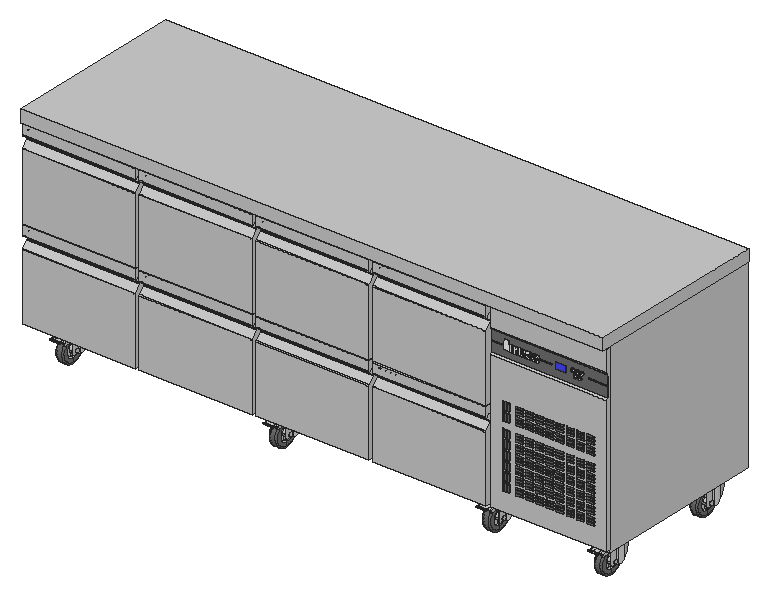
Revit family "QF_INOMAK_PNRP9999_250513010757", category Specialty Equipment, Revit 2021 (continued)
Definition of nested family "QF_INOMAK_REF_COUNTERS_2240_2920"
  Definition of nested family "QF_INOMAK_CONRTOL-PANEL"
    Forms (mm)
      Extrusion 1, solid
        sketch origin (-2240, -700, 0) x (-1, 0, 0) y (0, 0, 1)
          loop
            arc (-2152.4, 210.855) -> (-2155.4, 207.855) -> (-2152.4, 204.855) r 3
            line (-2152.4, 204.855) -> (-2128.4, 204.855)
            arc (-2128.4, 204.855) -> (-2125.4, 207.855) -> (-2128.4, 210.855) r 3
            line (-2128.4, 210.855) -> (-2152.4, 210.855)
          loop
            arc (-2113.4, 210.855) -> (-2116.4, 207.855) -> (-2113.4, 204.855) r 3
            line (-2113.4, 204.855) -> (-2089.4, 204.855)
            arc (-2089.4, 204.855) -> (-2086.4, 207.855) -> (-2089.4, 210.855) r 3
            line (-2089.4, 210.855) -> (-2113.4, 210.855)
          loop
            arc (-2074.4, 210.855) -> (-2077.4, 207.855) -> (-2074.4, 204.855) r 3
            line (-2074.4, 204.855) -> (-2050.4, 204.855)
            arc (-2050.4, 204.855) -> (-2047.4, 207.855) -> (-2050.4, 210.855) r 3
            line (-2050.4, 210.855) -> (-2074.4, 210.855)
          loop
            arc (-2035.4, 210.855) -> (-2038.4, 207.855) -> (-2035.4, 204.855) r 3
            line (-2035.4, 204.855) -> (-2011.4, 204.855)
            arc (-2011.4, 204.855) -> (-2008.4, 207.855) -> (-2011.4, 210.855) r 3
            line (-2011.4, 210.855) -> (-2035.4, 210.855)
          loop
            arc (-1996.4, 210.855) -> (-1999.4, 207.855) -> (-1996.4, 204.855) r 3
            line (-1996.4, 204.855) -> (-1972.4, 204.855)
            arc (-1972.4, 204.855) -> (-1969.4, 207.855) -> (-1972.4, 210.855) r 3
            line (-1972.4, 210.855) -> (-1996.4, 210.855)
          loop
            arc (-1957.4, 210.855) -> (-1960.4, 207.855) -> (-1957.4, 204.855) r 3
            line (-1957.4, 204.855) -> (-1933.4, 204.855)
            arc (-1933.4, 204.855) -> (-1930.4, 207.855) -> (-1933.4, 210.855) r 3
            line (-1933.4, 210.855) -> (-1957.4, 210.855)
          loop
            arc (-1918.4, 210.855) -> (-1921.4, 207.855) -> (-1918.4, 204.855) r 3
            line (-1918.4, 204.855) -> (-1894.4, 204.855)
            arc (-1894.4, 204.855) -> (-1891.4, 207.855) -> (-1894.4, 210.855) r 3
            line (-1894.4, 210.855) -> (-1918.4, 210.855)
          loop
            arc (-2191.4, 199.855) -> (-2194.4, 196.855) -> (-2191.4, 193.855) r 3
            line (-2191.4, 193.855) -> (-2167.4, 193.855)
            arc (-2167.4, 193.855) -> (-2164.4, 196.855) -> (-2167.4, 199.855) r 3
            line (-2167.4, 199.855) -> (-2191.4, 199.855)
          loop
            arc (-2152.4, 199.855) -> (-2155.4, 196.855) -> (-2152.4, 193.855) r 3
            line (-2152.4, 193.855) -> (-2128.4, 193.855)
            arc (-2128.4, 193.855) -> (-2125.4, 196.855) -> (-2128.4, 199.855) r 3
            line (-2128.4, 199.855) -> (-2152.4, 199.855)
          loop
            arc (-2113.4, 199.855) -> (-2116.4, 196.855) -> (-2113.4, 193.855) r 3
            line (-2113.4, 193.855) -> (-2089.4, 193.855)
            arc (-2089.4, 193.855) -> (-2086.4, 196.855) -> (-2089.4, 199.855) r 3
            line (-2089.4, 199.855) -> (-2113.4, 199.855)
          loop
            arc (-2074.4, 199.855) -> (-2077.4, 196.855) -> (-2074.4, 193.855) r 3
            line (-2074.4, 193.855) -> (-2050.4, 193.855)
            arc (-2050.4, 193.855) -> (-2047.4, 196.855) -> (-2050.4, 199.855) r 3
            line (-2050.4, 199.855) -> (-2074.4, 199.855)
          loop
            arc (-2035.4, 199.855) -> (-2038.4, 196.855) -> (-2035.4, 193.855) r 3
            line (-2035.4, 193.855) -> (-2011.4, 193.855)
            arc (-2011.4, 193.855) -> (-2008.4, 196.855) -> (-2011.4, 199.855) r 3
            line (-2011.4, 199.855) -> (-2035.4, 199.855)
          loop
            arc (-1996.4, 199.855) -> (-1999.4, 196.855) -> (-1996.4, 193.855) r 3
            line (-1996.4, 193.855) -> (-1972.4, 193.855)
            arc (-1972.4, 193.855) -> (-1969.4, 196.855) -> (-1972.4, 199.855) r 3
            line (-1972.4, 199.855) -> (-1996.4, 199.855)
          loop
            arc (-1957.4, 199.855) -> (-1960.4, 196.855) -> (-1957.4, 193.855) r 3
            line (-1957.4, 193.855) -> (-1933.4, 193.855)
            arc (-1933.4, 193.855) -> (-1930.4, 196.855) -> (-1933.4, 199.855) r 3
            line (-1933.4, 199.855) -> (-1957.4, 199.855)
          loop
            arc (-1918.4, 199.855) -> (-1921.4, 196.855) -> (-1918.4, 193.855) r 3
            line (-1918.4, 193.855) -> (-1894.4, 193.855)
            arc (-1894.4, 193.855) -> (-1891.4, 196.855) -> (-1894.4, 199.855) r 3
            line (-1894.4, 199.855) -> (-1918.4, 199.855)
          loop
            arc (-2191.4, 184.855) -> (-2194.4, 181.855) -> (-2191.4, 178.855) r 3
            line (-2191.4, 178.855) -> (-2167.4, 178.855)
            arc (-2167.4, 178.855) -> (-2164.4, 181.855) -> (-2167.4, 184.855) r 3
            line (-2167.4, 184.855) -> (-2191.4, 184.855)
          loop
            arc (-2152.4, 184.855) -> (-2155.4, 181.855) -> (-2152.4, 178.855) r 3
            line (-2152.4, 178.855) -> (-2128.4, 178.855)
            arc (-2128.4, 178.855) -> (-2125.4, 181.855) -> (-2128.4, 184.855) r 3
            line (-2128.4, 184.855) -> (-2152.4, 184.855)
          loop
            arc (-2113.4, 184.855) -> (-2116.4, 181.855) -> (-2113.4, 178.855) r 3
            line (-2113.4, 178.855) -> (-2089.4, 178.855)
            arc (-2089.4, 178.855) -> (-2086.4, 181.855) -> (-2089.4, 184.855) r 3
            line (-2089.4, 184.855) -> (-2113.4, 184.855)
          loop
            arc (-2074.4, 184.855) -> (-2077.4, 181.855) -> (-2074.4, 178.855) r 3
            line (-2074.4, 178.855) -> (-2050.4, 178.855)
            arc (-2050.4, 178.855) -> (-2047.4, 181.855) -> (-2050.4, 184.855) r 3
            line (-2050.4, 184.855) -> (-2074.4, 184.855)
          loop
            arc (-2035.4, 184.855) -> (-2038.4, 181.855) -> (-2035.4, 178.855) r 3
            line (-2035.4, 178.855) -> (-2011.4, 178.855)
            arc (-2011.4, 178.855) -> (-2008.4, 181.855) -> (-2011.4, 184.855) r 3
            line (-2011.4, 184.855) -> (-2035.4, 184.855)
          loop
            arc (-1996.4, 184.855) -> (-1999.4, 181.855) -> (-1996.4, 178.855) r 3
            line (-1996.4, 178.855) -> (-1972.4, 178.855)
            arc (-1972.4, 178.855) -> (-1969.4, 181.855) -> (-1972.4, 184.855) r 3
            line (-1972.4, 184.855) -> (-1996.4, 184.855)
          loop
            arc (-1957.4, 184.855) -> (-1960.4, 181.855) -> (-1957.4, 178.855) r 3
            line (-1957.4, 178.855) -> (-1933.4, 178.855)
            arc (-1933.4, 178.855) -> (-1930.4, 181.855) -> (-1933.4, 184.855) r 3
            line (-1933.4, 184.855) -> (-1957.4, 184.855)
          loop
            arc (-1918.4, 184.855) -> (-1921.4, 181.855) -> (-1918.4, 178.855) r 3
            line (-1918.4, 178.855) -> (-1894.4, 178.855)
            arc (-1894.4, 178.855) -> (-1891.4, 181.855) -> (-1894.4, 184.855) r 3
            line (-1894.4, 184.855) -> (-1918.4, 184.855)
          loop
            arc (-2191.4, 173.855) -> (-2194.4, 170.855) -> (-2191.4, 167.855) r 3
            line (-2191.4, 167.855) -> (-2167.4, 167.855)
            arc (-2167.4, 167.855) -> (-2164.4, 170.855) -> (-2167.4, 173.855) r 3
            line (-2167.4, 173.855) -> (-2191.4, 173.855)
          loop
            arc (-2152.4, 173.855) -> (-2155.4, 170.855) -> (-2152.4, 167.855) r 3
            line (-2152.4, 167.855) -> (-2128.4, 167.855)
            arc (-2128.4, 167.855) -> (-2125.4, 170.855) -> (-2128.4, 173.855) r 3
            line (-2128.4, 173.855) -> (-2152.4, 173.855)
          loop
            arc (-2113.4, 173.855) -> (-2116.4, 170.855) -> (-2113.4, 167.855) r 3
            line (-2113.4, 167.855) -> (-2089.4, 167.855)
            arc (-2089.4, 167.855) -> (-2086.4, 170.855) -> (-2089.4, 173.855) r 3
            line (-2089.4, 173.855) -> (-2113.4, 173.855)
          loop
            arc (-2074.4, 173.855) -> (-2077.4, 170.855) -> (-2074.4, 167.855) r 3
            line (-2074.4, 167.855) -> (-2050.4, 167.855)
            arc (-2050.4, 167.855) -> (-2047.4, 170.855) -> (-2050.4, 173.855) r 3
            line (-2050.4, 173.855) -> (-2074.4, 173.855)
          loop
            arc (-2035.4, 173.855) -> (-2038.4, 170.855) -> (-2035.4, 167.855) r 3
            line (-2035.4, 167.855) -> (-2011.4, 167.855)
            arc (-2011.4, 167.855) -> (-2008.4, 170.855) -> (-2011.4, 173.855) r 3
            line (-2011.4, 173.855) -> (-2035.4, 173.855)
          loop
            arc (-1996.4, 173.855) -> (-1999.4, 170.855) -> (-1996.4, 167.855) r 3
            line (-1996.4, 167.855) -> (-1972.4, 167.855)
            arc (-1972.4, 167.855) -> (-1969.4, 170.855) -> (-1972.4, 173.855) r 3
            line (-1972.4, 173.855) -> (-1996.4, 173.855)
          loop
            arc (-1957.4, 173.855) -> (-1960.4, 170.855) -> (-1957.4, 167.855) r 3
            line (-1957.4, 167.855) -> (-1933.4, 167.855)
            arc (-1933.4, 167.855) -> (-1930.4, 170.855) -> (-1933.4, 173.855) r 3
            line (-1933.4, 173.855) -> (-1957.4, 173.855)
          loop
            arc (-1918.4, 173.855) -> (-1921.4, 170.855) -> (-1918.4, 167.855) r 3
            line (-1918.4, 167.855) -> (-1894.4, 167.855)
            arc (-1894.4, 167.855) -> (-1891.4, 170.855) -> (-1894.4, 173.855) r 3
            line (-1894.4, 173.855) -> (-1918.4, 173.855)
          loop
            arc (-2191.4, 162.855) -> (-2194.4, 159.855) -> (-2191.4, 156.855) r 3
            line (-2191.4, 156.855) -> (-2167.4, 156.855)
            arc (-2167.4, 156.855) -> (-2164.4, 159.855) -> (-2167.4, 162.855) r 3
            line (-2167.4, 162.855) -> (-2191.4, 162.855)
          loop
            arc (-2152.4, 162.855) -> (-2155.4, 159.855) -> (-2152.4, 156.855) r 3
            line (-2152.4, 156.855) -> (-2128.4, 156.855)
            arc (-2128.4, 156.855) -> (-2125.4, 159.855) -> (-2128.4, 162.855) r 3
            line (-2128.4, 162.855) -> (-2152.4, 162.855)
          loop
            arc (-2113.4, 162.855) -> (-2116.4, 159.855) -> (-2113.4, 156.855) r 3
            line (-2113.4, 156.855) -> (-2089.4, 156.855)
            arc (-2089.4, 156.855) -> (-2086.4, 159.855) -> (-2089.4, 162.855) r 3
            line (-2089.4, 162.855) -> (-2113.4, 162.855)
          loop
            arc (-2074.4, 162.855) -> (-2077.4, 159.855) -> (-2074.4, 156.855) r 3
            line (-2074.4, 156.855) -> (-2050.4, 156.855)
            arc (-2050.4, 156.855) -> (-2047.4, 159.855) -> (-2050.4, 162.855) r 3
            line (-2050.4, 162.855) -> (-2074.4, 162.855)
          loop
            arc (-2035.4, 162.855) -> (-2038.4, 159.855) -> (-2035.4, 156.855) r 3
            line (-2035.4, 156.855) -> (-2011.4, 156.855)
            arc (-2011.4, 156.855) -> (-2008.4, 159.855) -> (-2011.4, 162.855) r 3
            line (-2011.4, 162.855) -> (-2035.4, 162.855)
          loop
            arc (-1996.4, 162.855) -> (-1999.4, 159.855) -> (-1996.4, 156.855) r 3
            line (-1996.4, 156.855) -> (-1972.4, 156.855)
            arc (-1972.4, 156.855) -> (-1969.4, 159.855) -> (-1972.4, 162.855) r 3
            line (-1972.4, 162.855) -> (-1996.4, 162.855)
          loop
            arc (-1957.4, 162.855) -> (-1960.4, 159.855) -> (-1957.4, 156.855) r 3
            line (-1957.4, 156.855) -> (-1933.4, 156.855)
            arc (-1933.4, 156.855) -> (-1930.4, 159.855) -> (-1933.4, 162.855) r 3
            line (-1933.4, 162.855) -> (-1957.4, 162.855)
          loop
            arc (-1918.4, 162.855) -> (-1921.4, 159.855) -> (-1918.4, 156.855) r 3
            line (-1918.4, 156.855) -> (-1894.4, 156.855)
            arc (-1894.4, 156.855) -> (-1891.4, 159.855) -> (-1894.4, 162.855) r 3
            line (-1894.4, 162.855) -> (-1918.4, 162.855)
          loop
            arc (-2191.4, 147.855) -> (-2194.4, 144.855) -> (-2191.4, 141.855) r 3
            line (-2191.4, 141.855) -> (-2167.4, 141.855)
            arc (-2167.4, 141.855) -> (-2164.4, 144.855) -> (-2167.4, 147.855) r 3
            line (-2167.4, 147.855) -> (-2191.4, 147.855)
          loop
            arc (-2152.4, 147.855) -> (-2155.4, 144.855) -> (-2152.4, 141.855) r 3
            line (-2152.4, 141.855) -> (-2128.4, 141.855)
            arc (-2128.4, 141.855) -> (-2125.4, 144.855) -> (-2128.4, 147.855) r 3
            line (-2128.4, 147.855) -> (-2152.4, 147.855)
          loop
            arc (-2113.4, 147.855) -> (-2116.4, 144.855) -> (-2113.4, 141.855) r 3
            line (-2113.4, 141.855) -> (-2089.4, 141.855)
            arc (-2089.4, 141.855) -> (-2086.4, 144.855) -> (-2089.4, 147.855) r 3
            line (-2089.4, 147.855) -> (-2113.4, 147.855)
          loop
            arc (-2074.4, 147.855) -> (-2077.4, 144.855) -> (-2074.4, 141.855) r 3
            line (-2074.4, 141.855) -> (-2050.4, 141.855)
            arc (-2050.4, 141.855) -> (-2047.4, 144.855) -> (-2050.4, 147.855) r 3
            line (-2050.4, 147.855) -> (-2074.4, 147.855)
          loop
            arc (-2035.4, 147.855) -> (-2038.4, 144.855) -> (-2035.4, 141.855) r 3
            line (-2035.4, 141.855) -> (-2011.4, 141.855)
            arc (-2011.4, 141.855) -> (-2008.4, 144.855) -> (-2011.4, 147.855) r 3
            line (-2011.4, 147.855) -> (-2035.4, 147.855)
          loop
            arc (-1996.4, 147.855) -> (-1999.4, 144.855) -> (-1996.4, 141.855) r 3
            line (-1996.4, 141.855) -> (-1972.4, 141.855)
            arc (-1972.4, 141.855) -> (-1969.4, 144.855) -> (-1972.4, 147.855) r 3
            line (-1972.4, 147.855) -> (-1996.4, 147.855)
          loop
            arc (-1957.4, 147.855) -> (-1960.4, 144.855) -> (-1957.4, 141.855) r 3
            line (-1957.4, 141.855) -> (-1933.4, 141.855)
            arc (-1933.4, 141.855) -> (-1930.4, 144.855) -> (-1933.4, 147.855) r 3
            line (-1933.4, 147.855) -> (-1957.4, 147.855)
          loop
            arc (-1918.4, 147.855) -> (-1921.4, 144.855) -> (-1918.4, 141.855) r 3
            line (-1918.4, 141.855) -> (-1894.4, 141.855)
            arc (-1894.4, 141.855) -> (-1891.4, 144.855) -> (-1894.4, 147.855) r 3
            line (-1894.4, 147.855) -> (-1918.4, 147.855)
          loop
            arc (-2191.4, 136.855) -> (-2194.4, 133.855) -> (-2191.4, 130.855) r 3
            line (-2191.4, 130.855) -> (-2167.4, 130.855)
            arc (-2167.4, 130.855) -> (-2164.4, 133.855) -> (-2167.4, 136.855) r 3
            line (-2167.4, 136.855) -> (-2191.4, 136.855)
          loop
            arc (-2152.4, 136.855) -> (-2155.4, 133.855) -> (-2152.4, 130.855) r 3
            line (-2152.4, 130.855) -> (-2128.4, 130.855)
            arc (-2128.4, 130.855) -> (-2125.4, 133.855) -> (-2128.4, 136.855) r 3
            line (-2128.4, 136.855) -> (-2152.4, 136.855)
          loop
            arc (-2113.4, 136.855) -> (-2116.4, 133.855) -> (-2113.4, 130.855) r 3
            line (-2113.4, 130.855) -> (-2089.4, 130.855)
            arc (-2089.4, 130.855) -> (-2086.4, 133.855) -> (-2089.4, 136.855) r 3
            line (-2089.4, 136.855) -> (-2113.4, 136.855)
          loop
            arc (-2074.4, 136.855) -> (-2077.4, 133.855) -> (-2074.4, 130.855) r 3
            line (-2074.4, 130.855) -> (-2050.4, 130.855)
            arc (-2050.4, 130.855) -> (-2047.4, 133.855) -> (-2050.4, 136.855) r 3
            line (-2050.4, 136.855) -> (-2074.4, 136.855)
          loop
            arc (-2035.4, 136.855) -> (-2038.4, 133.855) -> (-2035.4, 130.855) r 3
            line (-2035.4, 130.855) -> (-2011.4, 130.855)
            arc (-2011.4, 130.855) -> (-2008.4, 133.855) -> (-2011.4, 136.855) r 3
            line (-2011.4, 136.855) -> (-2035.4, 136.855)
          loop
            arc (-1996.4, 136.855) -> (-1999.4, 133.855) -> (-1996.4, 130.855) r 3
            line (-1996.4, 130.855) -> (-1972.4, 130.855)
            arc (-1972.4, 130.855) -> (-1969.4, 133.855) -> (-1972.4, 136.855) r 3
            line (-1972.4, 136.855) -> (-1996.4, 136.855)
          loop
            arc (-1957.4, 136.855) -> (-1960.4, 133.855) -> (-1957.4, 130.855) r 3
            line (-1957.4, 130.855) -> (-1933.4, 130.855)
            arc (-1933.4, 130.855) -> (-1930.4, 133.855) -> (-1933.4, 136.855) r 3
            line (-1933.4, 136.855) -> (-1957.4, 136.855)
          loop
            arc (-1918.4, 136.855) -> (-1921.4, 133.855) -> (-1918.4, 130.855) r 3
            line (-1918.4, 130.855) -> (-1894.4, 130.855)
            arc (-1894.4, 130.855) -> (-1891.4, 133.855) -> (-1894.4, 136.855) r 3
            line (-1894.4, 136.855) -> (-1918.4, 136.855)
          loop
            arc (-2191.4, 125.855) -> (-2194.4, 122.855) -> (-2191.4, 119.855) r 3
            line (-2191.4, 119.855) -> (-2167.4, 119.855)
            arc (-2167.4, 119.855) -> (-2164.4, 122.855) -> (-2167.4, 125.855) r 3
            line (-2167.4, 125.855) -> (-2191.4, 125.855)
          loop
            arc (-2152.4, 125.855) -> (-2155.4, 122.855) -> (-2152.4, 119.855) r 3
            line (-2152.4, 119.855) -> (-2128.4, 119.855)
            arc (-2128.4, 119.855) -> (-2125.4, 122.855) -> (-2128.4, 125.855) r 3
            line (-2128.4, 125.855) -> (-2152.4, 125.855)
          loop
            arc (-2113.4, 125.855) -> (-2116.4, 122.855) -> (-2113.4, 119.855) r 3
            line (-2113.4, 119.855) -> (-2089.4, 119.855)
            arc (-2089.4, 119.855) -> (-2086.4, 122.855) -> (-2089.4, 125.855) r 3
            line (-2089.4, 125.855) -> (-2113.4, 125.855)
          loop
            arc (-2074.4, 125.855) -> (-2077.4, 122.855) -> (-2074.4, 119.855) r 3
            line (-2074.4, 119.855) -> (-2050.4, 119.855)
            arc (-2050.4, 119.855) -> (-2047.4, 122.855) -> (-2050.4, 125.855) r 3
            line (-2050.4, 125.855) -> (-2074.4, 125.855)
          loop
            arc (-2035.4, 125.855) -> (-2038.4, 122.855) -> (-2035.4, 119.855) r 3
            line (-2035.4, 119.855) -> (-2011.4, 119.855)
            arc (-2011.4, 119.855) -> (-2008.4, 122.855) -> (-2011.4, 125.855) r 3
            line (-2011.4, 125.855) -> (-2035.4, 125.855)
          loop
            arc (-1996.4, 125.855) -> (-1999.4, 122.855) -> (-1996.4, 119.855) r 3
            line (-1996.4, 119.855) -> (-1972.4, 119.855)
            arc (-1972.4, 119.855) -> (-1969.4, 122.855) -> (-1972.4, 125.855) r 3
            line (-1972.4, 125.855) -> (-1996.4, 125.855)
          loop
            arc (-1957.4, 125.855) -> (-1960.4, 122.855) -> (-1957.4, 119.855) r 3
            line (-1957.4, 119.855) -> (-1933.4, 119.855)
            arc (-1933.4, 119.855) -> (-1930.4, 122.855) -> (-1933.4, 125.855) r 3
            line (-1933.4, 125.855) -> (-1957.4, 125.855)
          loop
            arc (-1918.4, 125.855) -> (-1921.4, 122.855) -> (-1918.4, 119.855) r 3
            line (-1918.4, 119.855) -> (-1894.4, 119.855)
            arc (-1894.4, 119.855) -> (-1891.4, 122.855) -> (-1894.4, 125.855) r 3
            line (-1894.4, 125.855) -> (-1918.4, 125.855)
          loop
            arc (-2191.4, 110.855) -> (-2194.4, 107.855) -> (-2191.4, 104.855) r 3
            line (-2191.4, 104.855) -> (-2167.4, 104.855)
            arc (-2167.4, 104.855) -> (-2164.4, 107.855) -> (-2167.4, 110.855) r 3
            line (-2167.4, 110.855) -> (-2191.4, 110.855)
          loop
            arc (-2152.4, 110.855) -> (-2155.4, 107.855) -> (-2152.4, 104.855) r 3
            line (-2152.4, 104.855) -> (-2128.4, 104.855)
            arc (-2128.4, 104.855) -> (-2125.4, 107.855) -> (-2128.4, 110.855) r 3
            line (-2128.4, 110.855) -> (-2152.4, 110.855)
          loop
            arc (-2113.4, 110.855) -> (-2116.4, 107.855) -> (-2113.4, 104.855) r 3
            line (-2113.4, 104.855) -> (-2089.4, 104.855)
            arc (-2089.4, 104.855) -> (-2086.4, 107.855) -> (-2089.4, 110.855) r 3
            line (-2089.4, 110.855) -> (-2113.4, 110.855)
          loop
            arc (-2074.4, 110.855) -> (-2077.4, 107.855) -> (-2074.4, 104.855) r 3
            line (-2074.4, 104.855) -> (-2050.4, 104.855)
            arc (-2050.4, 104.855) -> (-2047.4, 107.855) -> (-2050.4, 110.855) r 3
            line (-2050.4, 110.855) -> (-2074.4, 110.855)
          loop
            arc (-2035.4, 110.855) -> (-2038.4, 107.855) -> (-2035.4, 104.855) r 3
            line (-2035.4, 104.855) -> (-2011.4, 104.855)
            arc (-2011.4, 104.855) -> (-2008.4, 107.855) -> (-2011.4, 110.855) r 3
            line (-2011.4, 110.855) -> (-2035.4, 110.855)
          loop
            arc (-1996.4, 110.855) -> (-1999.4, 107.855) -> (-1996.4, 104.855) r 3
            line (-1996.4, 104.855) -> (-1972.4, 104.855)
            arc (-1972.4, 104.855) -> (-1969.4, 107.855) -> (-1972.4, 110.855) r 3
            line (-1972.4, 110.855) -> (-1996.4, 110.855)
          loop
            arc (-1957.4, 110.855) -> (-1960.4, 107.855) -> (-1957.4, 104.855) r 3
            line (-1957.4, 104.855) -> (-1933.4, 104.855)
            arc (-1933.4, 104.855) -> (-1930.4, 107.855) -> (-1933.4, 110.855) r 3
            line (-1933.4, 110.855) -> (-1957.4, 110.855)
          loop
            arc (-1918.4, 110.855) -> (-1921.4, 107.855) -> (-1918.4, 104.855) r 3
            line (-1918.4, 104.855) -> (-1894.4, 104.855)
            arc (-1894.4, 104.855) -> (-1891.4, 107.855) -> (-1894.4, 110.855) r 3
            line (-1894.4, 110.855) -> (-1918.4, 110.855)
          loop
            arc (-2191.4, 99.855) -> (-2194.4, 96.855) -> (-2191.4, 93.855) r 3
            line (-2191.4, 93.855) -> (-2167.4, 93.855)
            arc (-2167.4, 93.855) -> (-2164.4, 96.855) -> (-2167.4, 99.855) r 3
            line (-2167.4, 99.855) -> (-2191.4, 99.855)
          loop
            arc (-2152.4, 99.855) -> (-2155.4, 96.855) -> (-2152.4, 93.855) r 3
            line (-2152.4, 93.855) -> (-2128.4, 93.855)
            arc (-2128.4, 93.855) -> (-2125.4, 96.855) -> (-2128.4, 99.855) r 3
            line (-2128.4, 99.855) -> (-2152.4, 99.855)
          loop
            arc (-2113.4, 99.855) -> (-2116.4, 96.855) -> (-2113.4, 93.855) r 3
            line (-2113.4, 93.855) -> (-2089.4, 93.855)
            arc (-2089.4, 93.855) -> (-2086.4, 96.855) -> (-2089.4, 99.855) r 3
            line (-2089.4, 99.855) -> (-2113.4, 99.855)
          loop
            arc (-2074.4, 99.855) -> (-2077.4, 96.855) -> (-2074.4, 93.855) r 3
            line (-2074.4, 93.855) -> (-2050.4, 93.855)
            arc (-2050.4, 93.855) -> (-2047.4, 96.855) -> (-2050.4, 99.855) r 3
            line (-2050.4, 99.855) -> (-2074.4, 99.855)
          loop
            arc (-2035.4, 99.855) -> (-2038.4, 96.855) -> (-2035.4, 93.855) r 3
            line (-2035.4, 93.855) -> (-2011.4, 93.855)
            arc (-2011.4, 93.855) -> (-2008.4, 96.855) -> (-2011.4, 99.855) r 3
            line (-2011.4, 99.855) -> (-2035.4, 99.855)
          loop
            arc (-1996.4, 99.855) -> (-1999.4, 96.855) -> (-1996.4, 93.855) r 3
            line (-1996.4, 93.855) -> (-1972.4, 93.855)
            arc (-1972.4, 93.855) -> (-1969.4, 96.855) -> (-1972.4, 99.855) r 3
            line (-1972.4, 99.855) -> (-1996.4, 99.855)
          loop
            arc (-1957.4, 99.855) -> (-1960.4, 96.855) -> (-1957.4, 93.855) r 3
            line (-1957.4, 93.855) -> (-1933.4, 93.855)
            arc (-1933.4, 93.855) -> (-1930.4, 96.855) -> (-1933.4, 99.855) r 3
            line (-1933.4, 99.855) -> (-1957.4, 99.855)
          loop
            arc (-1918.4, 99.855) -> (-1921.4, 96.855) -> (-1918.4, 93.855) r 3
            line (-1918.4, 93.855) -> (-1894.4, 93.855)
            arc (-1894.4, 93.855) -> (-1891.4, 96.855) -> (-1894.4, 99.855) r 3
            line (-1894.4, 99.855) -> (-1918.4, 99.855)
          loop
            arc (-2191.4, 88.855) -> (-2194.4, 85.855) -> (-2191.4, 82.855) r 3
            line (-2191.4, 82.855) -> (-2167.4, 82.855)
            arc (-2167.4, 82.855) -> (-2164.4, 85.855) -> (-2167.4, 88.855) r 3
            line (-2167.4, 88.855) -> (-2191.4, 88.855)
          loop
            arc (-2152.4, 88.855) -> (-2155.4, 85.855) -> (-2152.4, 82.855) r 3
            line (-2152.4, 82.855) -> (-2128.4, 82.855)
            arc (-2128.4, 82.855) -> (-2125.4, 85.855) -> (-2128.4, 88.855) r 3
            line (-2128.4, 88.855) -> (-2152.4, 88.855)
          loop
            arc (-2113.4, 88.855) -> (-2116.4, 85.855) -> (-2113.4, 82.855) r 3
            line (-2113.4, 82.855) -> (-2089.4, 82.855)
            arc (-2089.4, 82.855) -> (-2086.4, 85.855) -> (-2089.4, 88.855) r 3
            line (-2089.4, 88.855) -> (-2113.4, 88.855)
          loop
            arc (-2074.4, 88.855) -> (-2077.4, 85.855) -> (-2074.4, 82.855) r 3
            line (-2074.4, 82.855) -> (-2050.4, 82.855)
            arc (-2050.4, 82.855) -> (-2047.4, 85.855) -> (-2050.4, 88.855) r 3
            line (-2050.4, 88.855) -> (-2074.4, 88.855)
          loop
            arc (-2035.4, 88.855) -> (-2038.4, 85.855) -> (-2035.4, 82.855) r 3
            line (-2035.4, 82.855) -> (-2011.4, 82.855)
            arc (-2011.4, 82.855) -> (-2008.4, 85.855) -> (-2011.4, 88.855) r 3
            line (-2011.4, 88.855) -> (-2035.4, 88.855)
          loop
            arc (-1996.4, 88.855) -> (-1999.4, 85.855) -> (-1996.4, 82.855) r 3
            line (-1996.4, 82.855) -> (-1972.4, 82.855)
            arc (-1972.4, 82.855) -> (-1969.4, 85.855) -> (-1972.4, 88.855) r 3
            line (-1972.4, 88.855) -> (-1996.4, 88.855)
          loop
            arc (-1957.4, 88.855) -> (-1960.4, 85.855) -> (-1957.4, 82.855) r 3
            line (-1957.4, 82.855) -> (-1933.4, 82.855)
            arc (-1933.4, 82.855) -> (-1930.4, 85.855) -> (-1933.4, 88.855) r 3
            line (-1933.4, 88.855) -> (-1957.4, 88.855)
          loop
            arc (-1918.4, 88.855) -> (-1921.4, 85.855) -> (-1918.4, 82.855) r 3
            line (-1918.4, 82.855) -> (-1894.4, 82.855)
            arc (-1894.4, 82.855) -> (-1891.4, 85.855) -> (-1894.4, 88.855) r 3
            line (-1894.4, 88.855) -> (-1918.4, 88.855)
          loop
            arc (-1840.4, 387.855) -> (-1843.4, 390.855) -> (-1846.4, 387.855) r 3
            line (-1846.4, 387.855) -> (-1846.4, 363.855)
            arc (-1846.4, 363.855) -> (-1843.4, 360.855) -> (-1840.4, 363.855) r 3
            line (-1840.4, 363.855) -> (-1840.4, 387.855)
          loop
            arc (-1851.4, 387.855) -> (-1854.4, 390.855) -> (-1857.4, 387.855) r 3
            line (-1857.4, 387.855) -> (-1857.4, 363.855)
            arc (-1857.4, 363.855) -> (-1854.4, 360.855) -> (-1851.4, 363.855) r 3
            line (-1851.4, 363.855) -> (-1851.4, 387.855)
          loop
            arc (-1862.4, 387.855) -> (-1865.4, 390.855) -> (-1868.4, 387.855) r 3
            line (-1868.4, 387.855) -> (-1868.4, 363.855)
            arc (-1868.4, 363.855) -> (-1865.4, 360.855) -> (-1862.4, 363.855) r 3
            line (-1862.4, 363.855) -> (-1862.4, 387.855)
          loop
            arc (-1840.4, 350.855) -> (-1843.4, 353.855) -> (-1846.4, 350.855) r 3
            line (-1846.4, 350.855) -> (-1846.4, 326.855)
            arc (-1846.4, 326.855) -> (-1843.4, 323.855) -> (-1840.4, 326.855) r 3
            line (-1840.4, 326.855) -> (-1840.4, 350.855)
          loop
            arc (-1851.4, 350.855) -> (-1854.4, 353.855) -> (-1857.4, 350.855) r 3
            line (-1857.4, 350.855) -> (-1857.4, 326.855)
            arc (-1857.4, 326.855) -> (-1854.4, 323.855) -> (-1851.4, 326.855) r 3
            line (-1851.4, 326.855) -> (-1851.4, 350.855)
          loop
            arc (-1862.4, 350.855) -> (-1865.4, 353.855) -> (-1868.4, 350.855) r 3
            line (-1868.4, 350.855) -> (-1868.4, 326.855)
            arc (-1868.4, 326.855) -> (-1865.4, 323.855) -> (-1862.4, 326.855) r 3
            line (-1862.4, 326.855) -> (-1862.4, 350.855)
          loop
            arc (-1840.4, 293.855) -> (-1843.4, 296.855) -> (-1846.4, 293.855) r 3
            line (-1846.4, 293.855) -> (-1846.4, 269.855)
            arc (-1846.4, 269.855) -> (-1843.4, 266.855) -> (-1840.4, 269.855) r 3
            line (-1840.4, 269.855) -> (-1840.4, 293.855)
          loop
            arc (-1851.4, 293.855) -> (-1854.4, 296.855) -> (-1857.4, 293.855) r 3
            line (-1857.4, 293.855) -> (-1857.4, 269.855)
            arc (-1857.4, 269.855) -> (-1854.4, 266.855) -> (-1851.4, 269.855) r 3
            line (-1851.4, 269.855) -> (-1851.4, 293.855)
          loop
            arc (-1862.4, 293.855) -> (-1865.4, 296.855) -> (-1868.4, 293.855) r 3
            line (-1868.4, 293.855) -> (-1868.4, 269.855)
            arc (-1868.4, 269.855) -> (-1865.4, 266.855) -> (-1862.4, 269.855) r 3
            line (-1862.4, 269.855) -> (-1862.4, 293.855)
          loop
            arc (-1840.4, 256.855) -> (-1843.4, 259.855) -> (-1846.4, 256.855) r 3
            line (-1846.4, 256.855) -> (-1846.4, 232.855)
            arc (-1846.4, 232.855) -> (-1843.4, 229.855) -> (-1840.4, 232.855) r 3
            line (-1840.4, 232.855) -> (-1840.4, 256.855)
          loop
            arc (-1851.4, 256.855) -> (-1854.4, 259.855) -> (-1857.4, 256.855) r 3
            line (-1857.4, 256.855) -> (-1857.4, 232.855)
            arc (-1857.4, 232.855) -> (-1854.4, 229.855) -> (-1851.4, 232.855) r 3
            line (-1851.4, 232.855) -> (-1851.4, 256.855)
          loop
            arc (-1862.4, 256.855) -> (-1865.4, 259.855) -> (-1868.4, 256.855) r 3
            line (-1868.4, 256.855) -> (-1868.4, 232.855)
            arc (-1868.4, 232.855) -> (-1865.4, 229.855) -> (-1862.4, 232.855) r 3
            line (-1862.4, 232.855) -> (-1862.4, 256.855)
          loop
            arc (-1840.4, 219.855) -> (-1843.4, 222.855) -> (-1846.4, 219.855) r 3
            line (-1846.4, 219.855) -> (-1846.4, 195.855)
            arc (-1846.4, 195.855) -> (-1843.4, 192.855) -> (-1840.4, 195.855) r 3
            line (-1840.4, 195.855) -> (-1840.4, 219.855)
          loop
            arc (-1851.4, 219.855) -> (-1854.4, 222.855) -> (-1857.4, 219.855) r 3
            line (-1857.4, 219.855) -> (-1857.4, 195.855)
            arc (-1857.4, 195.855) -> (-1854.4, 192.855) -> (-1851.4, 195.855) r 3
            line (-1851.4, 195.855) -> (-1851.4, 219.855)
          loop
            arc (-1862.4, 219.855) -> (-1865.4, 222.855) -> (-1868.4, 219.855) r 3
            line (-1868.4, 219.855) -> (-1868.4, 195.855)
            arc (-1868.4, 195.855) -> (-1865.4, 192.855) -> (-1862.4, 195.855) r 3
            line (-1862.4, 195.855) -> (-1862.4, 219.855)
          loop
            arc (-1840.4, 182.855) -> (-1843.4, 185.855) -> (-1846.4, 182.855) r 3
            line (-1846.4, 182.855) -> (-1846.4, 158.855)
            arc (-1846.4, 158.855) -> (-1843.4, 155.855) -> (-1840.4, 158.855) r 3
            line (-1840.4, 158.855) -> (-1840.4, 182.855)
          loop
            arc (-1851.4, 182.855) -> (-1854.4, 185.855) -> (-1857.4, 182.855) r 3
            line (-1857.4, 182.855) -> (-1857.4, 158.855)
            arc (-1857.4, 158.855) -> (-1854.4, 155.855) -> (-1851.4, 158.855) r 3
            line (-1851.4, 158.855) -> (-1851.4, 182.855)
          loop
            arc (-1862.4, 182.855) -> (-1865.4, 185.855) -> (-1868.4, 182.855) r 3
            line (-1868.4, 182.855) -> (-1868.4, 158.855)
            arc (-1868.4, 158.855) -> (-1865.4, 155.855) -> (-1862.4, 158.855) r 3
            line (-1862.4, 158.855) -> (-1862.4, 182.855)
          loop
            arc (-1840.4, 145.855) -> (-1843.4, 148.855) -> (-1846.4, 145.855) r 3
            line (-1846.4, 145.855) -> (-1846.4, 121.855)
            arc (-1846.4, 121.855) -> (-1843.4, 118.855) -> (-1840.4, 121.855) r 3
            line (-1840.4, 121.855) -> (-1840.4, 145.855)
          loop
            arc (-1851.4, 145.855) -> (-1854.4, 148.855) -> (-1857.4, 145.855) r 3
            line (-1857.4, 145.855) -> (-1857.4, 121.855)
            arc (-1857.4, 121.855) -> (-1854.4, 118.855) -> (-1851.4, 121.855) r 3
            line (-1851.4, 121.855) -> (-1851.4, 145.855)
          loop
            arc (-1862.4, 145.855) -> (-1865.4, 148.855) -> (-1868.4, 145.855) r 3
            line (-1868.4, 145.855) -> (-1868.4, 121.855)
            arc (-1868.4, 121.855) -> (-1865.4, 118.855) -> (-1862.4, 121.855) r 3
            line (-1862.4, 121.855) -> (-1862.4, 145.855)
          loop
            arc (-1840.4, 108.855) -> (-1843.4, 111.855) -> (-1846.4, 108.855) r 3
            line (-1846.4, 108.855) -> (-1846.4, 84.855)
            arc (-1846.4, 84.855) -> (-1843.4, 81.855) -> (-1840.4, 84.855) r 3
            line (-1840.4, 84.855) -> (-1840.4, 108.855)
          loop
            arc (-1851.4, 108.855) -> (-1854.4, 111.855) -> (-1857.4, 108.855) r 3
            line (-1857.4, 108.855) -> (-1857.4, 84.855)
            arc (-1857.4, 84.855) -> (-1854.4, 81.855) -> (-1851.4, 84.855) r 3
            line (-1851.4, 84.855) -> (-1851.4, 108.855)
          loop
            arc (-1862.4, 108.855) -> (-1865.4, 111.855) -> (-1868.4, 108.855) r 3
            line (-1868.4, 108.855) -> (-1868.4, 84.855)
            arc (-1868.4, 84.855) -> (-1865.4, 81.855) -> (-1862.4, 84.855) r 3
            line (-1862.4, 84.855) -> (-1862.4, 108.855)
        from 16.5 to 19
    Dimensions and locks
      "Length": plane 3 "Left" to plane 4 "Right"
      "Depth": plane 5 "Front" to plane 1 "Back"
      "Front offset": plane 7 "Front offset" to plane 5 "Front"
      "Height": plane 6 "Top" to plane 2
      aligned and locked: level to plane 2
    Automatic sketch dimensions
      plane 4 "Right" to Extrusion 1 sketch curve = 48.6 mm  (x3)
      Extrusion 1 sketch curve to Extrusion 1 sketch curve = 0 mm  (x322)
      Extrusion 1 sketch curve to Extrusion 1 sketch curve = 24 mm  (x53)
      Extrusion 1 sketch curve to Extrusion 1 sketch curve = 15 mm  (x52)
      Extrusion 1 sketch curve to Extrusion 1 sketch curve = 26 mm  (x7)
      Extrusion 1 sketch curve to Extrusion 1 sketch curve = 3 mm  (x216)
      Extrusion 1 sketch curve to Extrusion 1 sketch curve = 5 mm  (x144)
      level to Extrusion 1 sketch curve = 82.855 mm  (x2)
      Extrusion 1 sketch curve to Extrusion 1 sketch curve = 2 mm
      Extrusion 1 sketch curve to Extrusion 1 sketch curve = 9 mm  (x48)
      Extrusion 1 sketch curve to Extrusion 1 sketch curve = 13 mm  (x9)
      Extrusion 1 sketch curve to Extrusion 1 sketch curve = 29 mm  (x6)
      Extrusion 1 sketch curve to Extrusion 1 sketch curve = 33 mm
Definition of nested family "QF_INOMAK_REF_COUNTERS_DOORS_DRAWERS_6956"
  Parameters (values of type "DR-LX-710")
    Weight [instance] = 0.00 kg
    Warranty Start Date [instance] = ""
    Warranty Duration [instance] = ""
    URL Cutsheet [instance] = ""
    URL = "www.inomak.com"
    Top inset [instance] = 10 mm
    Technical Documentation [instance] = ""
    Tag Number [instance] = ""
    Status [instance] = ""
    Specification by User [instance] = ""
    Specification by Manufacturer [instance] = ""
    Sound Level [instance] = ""
    Solid Fuel Type [instance] = ""
    Show Logo [instance] = yes
    Show Clearances [instance] = yes
    Service Life Duration [instance] = ""
    Serial Number [instance] = ""
    Seismic Rating [instance] = ""
    SMACNA No [instance] = ""
    Right panel thickness [instance] = 0 mm
    Revision Code [instance] = ""
    Revision [instance] = ""
    Rear inset [instance] = 0 mm
    Production Year [instance] = ""
    Point Load [instance] = 0
    Plinth height [instance] = 0 mm
    Other Equipment Approvals [instance] = ""
    NAFEM Spec ID Number [instance] = ""
    Model Warning [instance] = ""
    Model = "DR-LX-710"
    Masterspec [instance] = ""
    Manufacturer = "INOMAK"
    Length Actual [instance] = 435 mm
    Left panel thickness [instance] = 0 mm
    Item Number [instance] = ""
    Installed By [instance] = ""
    Installation Date [instance] = ""
    Identify Quantity as Lot [instance] = yes
    ID [instance] = ""
    Hygiene Approval [instance] = ""
    Height Actual [instance] = 710 mm
    Furnished By [instance] = ""
    Front inset [instance] = 10 mm
    Foodservice Equipment Identifier [instance] = yes
    Finish [instance] = none
    ETL Approved [instance] = yes
    Doors drawers type [instance] = 8
    Description = "LEFT HINGED DOOR"
    Depth Actual [instance] = 700 mm
    Default Elevation = 0 mm
    CSI MasterFormat [instance] = ""
    CE Approved [instance] = yes
    Bottom inset [instance] = 10 mm
    Barcode [instance] = ""
    Author [instance] = ""
    Asset Identifier [instance] = ""
    Assembly Code = "E1090320"
    Accessory [instance] = yes
  Types (9, lengths in mm): name | Model | Height Actual | Doors drawers type | Description
    DW-2-710 | "DW-2-710" | 710 | 4 | "2 X GN 1/2 DRAWERS"
    DR-LX-710 | "DR-LX-710" | 710 | 8 | "LEFT HINGED DOOR"
    DR-RX-710 | "DR-RX-710" | 710 | 9 | "RIGHT HINGED DOOR"
    DW-3-710 | "DW-3-710" | 710 | 6 | "3 X GN 1/3 DRAWERS"
    DW-B-710 | "DW-B-710" | 710 | 5 | "1 X GN 1/3 & 1 X GN 2/3 DRAWERS"
    DW-2-483 | "DW-2-483" | 483 | 4 | "2 X GN 1/3 DRAWERS"
    DR-LX-483 | "DR-LX-483" | 483 | 8 | "LEFT HINGED DOOR"
    DR-RX-483 | "DR-RX-483" | 483 | 9 | "RIGHT HINGED DOOR"
    DW-1-483 | "DW-1-483" | 483 | 10 | "1 X GN 2/3 DRAWER"
  Reference planes
    plane 1 "Front": y = 0
    plane 2: z = 0
    plane 3 "Left": x = 0
    plane 4 "Right": x = 435
    plane 5 "Back": y = 700
    plane 6 "Top": z = 710
    plane 7 "Bottom shelf": z = 0
    plane 8: z = 700
    plane 9: z = 10
    plane 10: x = 0
    plane 11: x = 435
    plane 12 "Center Top Bottom": z = 355
  Lines and regions (mm)
    reference lines
      curve 1: line (0, 0, 355) -> (0, 25, 355)
      curve 2: line (435, 0, 355) -> (435, 25, 355)
      curve 3: line (0, 700, 355) -> (435, 700, 355)
      curve 4: line (0, 0, 355) -> (435, 0, 355)
  Dimensions and locks
    "Length Actual": plane 3 "Left" to plane 4 "Right"
    "Depth Actual": plane 1 "Front" to plane 5 "Back"
    "Height Actual": plane 6 "Top" to plane 7 "Bottom shelf"
    "Plinth height": plane 7 "Bottom shelf" to plane 2
    "Top inset": plane 6 "Top" to plane 8
    "Bottom inset": plane 9 to plane 7 "Bottom shelf"
    "Left panel thickness": plane 3 "Left" to plane 10
    "Right panel thickness": plane 11 to plane 4 "Right"
    equal spacing: plane 6 "Top", plane 12 "Center Top Bottom", plane 7 "Bottom shelf"
    "Length Actual": curve 1 to plane 4 "Right"
    "Length Actual": plane 3 "Left" to curve 2
    "Depth Actual": plane 1 "Front" to curve 3
    "Depth Actual": plane 5 "Back" to curve 4
    aligned and locked: level to plane 2
    aligned and locked: plane 3 "Left" to nested 1
    aligned and locked: plane 3 "Left" to nested 2
    aligned and locked: plane 3 "Left" to nested 3
    aligned and locked: plane 3 "Left" to nested 4
    aligned and locked: plane 3 "Left" to nested 5
    aligned and locked: plane 3 "Left" to nested 6
    aligned and locked: plane 3 "Left" to nested 7
    aligned and locked: plane 3 "Left" to nested 8
    aligned and locked: plane 3 "Left" to nested 9
    aligned and locked: nested 4 to plane 1 "Front"
    aligned and locked: nested 6 to plane 1 "Front"
    aligned and locked: nested 8 to plane 1 "Front"
    aligned and locked: nested 5 to plane 1 "Front"
    aligned and locked: nested 3 to plane 1 "Front"
    aligned and locked: nested 7 to plane 1 "Front"
    aligned and locked: nested 2 to plane 1 "Front"
    aligned and locked: nested 1 to plane 1 "Front"
    aligned and locked: nested 9 to plane 1 "Front"
  Automatic sketch dimensions
    curve 3 to plane 4 "Right" = 0 mm
    curve 3 to plane 3 "Left" = 0 mm
    curve 2 to curve 2 = 25 mm
    curve 1 to curve 1 = 25 mm
  Nested families
    nested 1: "Right_Door" at (0, 700, 0), Depth Actual <- "Depth Actual", Height Actual <- "Height Actual", Length Actual <- "Length Actual", Front inset <- "Front inset", Rear inset <- "Rear inset", Left panel thickness <- "Left panel thickness", Right panel thickness <- "Right panel thickness", Doors drawers type <- "Doors drawers type", Plinth height <- "Plinth height", Top inset <- "Top inset", Bottom inset <- "Bottom inset", type "Right door"
      with Top inset 10 mm, Right panel thickness 0 mm, Right hand hinged door no, Rear inset 0 mm, Plinth height 0 mm, Length Actual 435 mm, Left panel thickness 0 mm, Height Actual 710 mm, Front inset 10 mm, Doors drawers type 8, Depth Actual 700 mm, Bottom inset 10 mm
    nested 2: "Left_Door" at (0, 700, 0), Depth Actual <- "Depth Actual", Height Actual <- "Height Actual", Length Actual <- "Length Actual", Front inset <- "Front inset", Rear inset <- "Rear inset", Left panel thickness <- "Left panel thickness", Right panel thickness <- "Right panel thickness", Doors drawers type <- "Doors drawers type", Plinth height <- "Plinth height", Top inset <- "Top inset", Bottom inset <- "Bottom inset", type "Left door"
      with Top inset 10 mm, Right panel thickness 0 mm, Rear inset 0 mm, Plinth height 0 mm, Length Actual 435 mm, Left panel thickness 0 mm, Left hand hinged door yes, Height Actual 710 mm, Front inset 10 mm, Doors drawers type 8, Depth Actual 700 mm, Bottom inset 10 mm
    nested 3: "3_Drawers_1-3" at (0, 700, 0), Depth Actual <- "Depth Actual", Height Actual <- "Height Actual", Length Actual <- "Length Actual", Front inset <- "Front inset", Rear inset <- "Rear inset", Left panel thickness <- "Left panel thickness", Right panel thickness <- "Right panel thickness", Doors drawers type <- "Doors drawers type", Plinth height <- "Plinth height", Top inset <- "Top inset", Bottom inset <- "Bottom inset", type "3 Drawers 1-3"
      with Top inset 10 mm, Right panel thickness 0 mm, Rear inset 0 mm, Plinth height 0 mm, Length Actual 435 mm, Left panel thickness 0 mm, Height Actual 710 mm, Front inset 10 mm, Doors drawers type 8, Depth Actual 700 mm, Bottom inset 10 mm, 3 Drawers no
    nested 4: "2_Drawers_1-2" at (0, 700, 0), Depth Actual <- "Depth Actual", Height Actual <- "Height Actual", Length Actual <- "Length Actual", Front inset <- "Front inset", Rear inset <- "Rear inset", Left panel thickness <- "Left panel thickness", Right panel thickness <- "Right panel thickness", Doors drawers type <- "Doors drawers type", Plinth height <- "Plinth height", Top inset <- "Top inset", Bottom inset <- "Bottom inset", type "2 Drawers 1-2"
      with Top inset 10 mm, Right panel thickness 0 mm, Rear inset 0 mm, Plinth height 0 mm, Length Actual 435 mm, Left panel thickness 0 mm, Height Actual 710 mm, Front inset 10 mm, Doors drawers type 8, Depth Actual 700 mm, Bottom inset 10 mm, 2 Drawers no
    nested 5: "2_Drawers_1-3_2-3" at (0, 700, 0), Depth Actual <- "Depth Actual", Height Actual <- "Height Actual", Length Actual <- "Length Actual", Front inset <- "Front inset", Rear inset <- "Rear inset", Left panel thickness <- "Left panel thickness", Right panel thickness <- "Right panel thickness", Doors drawers type <- "Doors drawers type", Plinth height <- "Plinth height", Top inset <- "Top inset", Bottom inset <- "Bottom inset", type "2 Drawers 1-3 and 2-3"
      with Top inset 10 mm, Right panel thickness 0 mm, Rear inset 0 mm, Plinth height 0 mm, Length Actual 435 mm, Left panel thickness 0 mm, Height Actual 710 mm, Front inset 10 mm, Doors drawers type 8, Depth Actual 700 mm, Bottom inset 10 mm, 2 Drawers 1-3 and 2-3 no
    nested 6: "Sliding_Doors" at (0, 700, 0), Depth Actual <- "Depth Actual", Height Actual <- "Height Actual", Length Actual <- "Length Actual", Front inset <- "Front inset", Rear inset <- "Rear inset", Left panel thickness <- "Left panel thickness", Right panel thickness <- "Right panel thickness", Doors drawers type <- "Doors drawers type", Plinth height <- "Plinth height", Top inset <- "Top inset", Bottom inset <- "Bottom inset", Finish <- "Finish", type "Sliding doors"
      with Top inset 10 mm, Sliding doors no, Right panel thickness 0 mm, Rear inset 0 mm, Plinth height 0 mm, Length Actual 435 mm, Left panel thickness 0 mm, Height Actual 710 mm, Front inset 10 mm, Finish none, Doors drawers type 8, Depth Actual 700 mm, Bottom inset 10 mm
    nested 7: "4_Drawers_1-4" at (0, 700, 0), Depth Actual <- "Depth Actual", Height Actual <- "Height Actual", Length Actual <- "Length Actual", Front inset <- "Front inset", Rear inset <- "Rear inset", Left panel thickness <- "Left panel thickness", Right panel thickness <- "Right panel thickness", Doors drawers type <- "Doors drawers type", Plinth height <- "Plinth height", Top inset <- "Top inset", Bottom inset <- "Bottom inset", Finish <- "Finish", type "4 Drawers 1-4"
      with Top inset 10 mm, Right panel thickness 0 mm, Rear inset 0 mm, Plinth height 0 mm, Length Actual 435 mm, Left panel thickness 0 mm, Height Actual 710 mm, Front inset 10 mm, Finish none, Doors drawers type 8, Depth Actual 700 mm, Bottom inset 10 mm, 4 Drawers no
    nested 8: "Hinged_Doors" at (0, 700, 0), Length Actual <- "Length Actual", Depth Actual <- "Depth Actual", Height Actual <- "Height Actual", Front inset <- "Front inset", Rear inset <- "Rear inset", Left panel thickness <- "Left panel thickness", Right panel thickness <- "Right panel thickness", Doors drawers type <- "Doors drawers type", Plinth height <- "Plinth height", Top inset <- "Top inset", Bottom inset <- "Bottom inset", Finish <- "Finish", type "Hinged doors"
      with Top inset 10 mm, Right panel thickness 0 mm, Rear inset 0 mm, Plinth height 0 mm, Length Actual 435 mm, Left panel thickness 0 mm, Hinged doors no, Height Actual 710 mm, Front inset 10 mm, Finish none, Doors drawers type 8, Depth Actual 700 mm, Bottom inset 10 mm
    nested 9: "Hopper" at (0, 700, 1.284), Length Actual <- "Length Actual", Depth Actual <- "Depth Actual", Height Actual <- "Height Actual", Front inset <- "Front inset", Rear inset <- "Rear inset", Left panel thickness <- "Left panel thickness", Right panel thickness <- "Right panel thickness", Doors drawers type <- "Doors drawers type", Plinth height <- "Plinth height", Top inset <- "Top inset", Bottom inset <- "Bottom inset", Finish <- "Finish", type "Hopper"
      with Top inset 10 mm, Right panel thickness 0 mm, Rear inset 0 mm, Plinth height 0 mm, Length Actual 435 mm, Left panel thickness 0 mm, Hopper no, Height Actual 710 mm, Front inset 10 mm, Finish none, Doors drawers type 8, Depth Actual 700 mm, Bottom inset 10 mm
  Definition of nested family "Left_Door"
    Parameters (values of type "Left door")
      URL = "www.specifiglobal.com"
      Top inset [instance] = 10 mm
      Right panel thickness [instance] = 0 mm
      Rear inset [instance] = 0 mm
      Plinth height [instance] = 150 mm
      Model = ""
      Manufacturer = "DEMO CONSULTANT"
      Length Actual [instance] = 700 mm
      Left panel thickness [instance] = 0 mm
      Left hand hinged door [instance] = Doors drawers type = 8  # yes
      Height Actual [instance] = 710 mm
      Front inset [instance] = 10 mm
      Finish = none
      Doors drawers type [instance] = 8
      Description = ""
      Depth Actual [instance] = 700 mm
      Default Elevation = 0 mm
      Bottom inset [instance] = 0 mm
      Assembly Code = "E1090320"
    Reference planes
      plane 1 "Back": y = 0
      plane 2: z = 0
      plane 3 "Left": x = 0
      plane 4 "Right": x = 700
      plane 5 "Front": y = -700
      plane 6 "Top": z = 860
      plane 7 "Front legs": y = -690
      plane 8 "Legs top": z = 150
      plane 9 "Backsplash thickness": y = 0
      plane 10 "Left panel": x = 0
      plane 11 "Right panel": x = 700
      plane 12: z = 850
      plane 13: z = 150
    Forms (mm)
      Extrusion 1, solid, material <- "Finish", visible <- "Left hand hinged door"
        sketch origin (0, 0, 0) x (0, -1, 0) y (0, 0, 1)
          loop
            line (690, 150) -> (690, 764.365)
            arc (690, 764.365) -> (689.866, 765.037) -> (689.485, 765.607) r 1.757
            line (689.485, 765.607) -> (666.663, 788.429)
            arc (666.663, 788.429) -> (665.976, 789.458) -> (665.734, 790.672) r 3.172
            line (665.734, 790.672) -> (665.734, 817.576)
            arc (665.734, 817.576) -> (666.433, 819.262) -> (668.119, 819.961) r 2.385
            line (668.119, 819.961) -> (680.029, 819.961) -> (686.544, 810.657)
            arc (686.544, 810.657) -> (688.671, 809.935) -> (690, 811.747) r 1.9
            line (690, 811.747) -> (690, 850) -> (648, 850) -> (648, 150) -> (690, 150)
        from 0 to -700
      Extrusion 2, solid, visible <- "Left hand hinged door", detail levels coarse
        sketch origin (0, -700, 150) x (-1, 0, 0) y (0, 1, 0)
          loop
            arc (-700, 10) -> (-495.871, -481.066) -> (0, -673.23) r 677.11
            line (0, -673.23) -> (0, 10) -> (-700, 10)
        from 0 to -700
    Lines and regions (mm)
      symbolic lines, visible <- "Left hand hinged door"
        curve 1: line (0, -700, 150) -> (0, -1373.247, 150)
        curve 2: arc (0, -1373.247, 150) -> (492.316, -1184.595, 150) -> (700, -700, 150) r 676.963
    Dimensions and locks
      "Length Actual": plane 3 "Left" to plane 4 "Right"
      "Depth Actual": plane 5 "Front" to plane 1 "Back"
      "Height Actual": plane 6 "Top" to plane 8 "Legs top"
      "Front inset": plane 7 "Front legs" to plane 5 "Front"
      "Plinth height": plane 8 "Legs top" to plane 2
      "Rear inset": plane 9 "Backsplash thickness" to plane 1 "Back"
      "Right panel thickness": plane 11 "Right panel" to plane 4 "Right"
      "Left panel thickness": plane 3 "Left" to plane 10 "Left panel"
      "Top inset": plane 6 "Top" to plane 12
      "Bottom inset": plane 13 to plane 8 "Legs top"
      aligned and locked: level to plane 2
      aligned and locked: Extrusion 1 to plane 11 "Right panel"
      aligned and locked: plane 10 "Left panel" to Extrusion 2 sketch curve
      aligned and locked: plane 11 "Right panel" to Extrusion 2 sketch curve
      aligned and locked: Extrusion 2 sketch curve to plane 10 "Left panel"
      aligned and locked: plane 7 "Front legs" to Extrusion 2 sketch curve
      aligned and locked: plane 7 "Front legs" to Extrusion 2
      aligned and locked: plane 10 "Left panel" to Extrusion 2
      aligned and locked: Extrusion 2 to plane 12
      aligned and locked: Extrusion 1 sketch curve to plane 13
      aligned and locked: Extrusion 1 sketch curve to plane 7 "Front legs"
      aligned and locked: Extrusion 1 sketch curve to plane 12
    Automatic sketch dimensions
      Extrusion 1 sketch curve to Extrusion 1 sketch curve = 1.556 mm
      Extrusion 1 sketch curve to Extrusion 1 sketch curve = 11.91 mm
      Extrusion 1 sketch curve to Extrusion 1 sketch curve = 2.243 mm
      Extrusion 1 sketch curve to Extrusion 1 sketch curve = 2.385 mm
      Extrusion 1 sketch curve to Extrusion 1 sketch curve = 20.119 mm
      Extrusion 1 sketch curve to Extrusion 1 sketch curve = 22.822 mm
      Extrusion 1 sketch curve to Extrusion 1 sketch curve = 19.985 mm
      Extrusion 1 sketch curve to Extrusion 1 sketch curve = 6.919 mm
      Extrusion 1 sketch curve to Extrusion 1 sketch curve = 30.039 mm
      plane 7 "Front legs" to Extrusion 1 sketch curve = 42 mm
      Extrusion 1 sketch curve to Extrusion 1 sketch curve = 0.929 mm
      Extrusion 1 sketch curve to Extrusion 1 sketch curve = 6.515 mm
      Extrusion 1 sketch curve to Extrusion 1 sketch curve = 1.242 mm
      Extrusion 1 sketch curve to Extrusion 1 sketch curve = 1.9 mm
      Extrusion 1 sketch curve to Extrusion 1 sketch curve = 0.515 mm
      plane 5 "Front" to Extrusion 2 sketch curve = 3.492 mm
      plane 3 "Left" to Extrusion 2 sketch curve = 22.921 mm
      curve 1 to plane 3 "Left" = 0 mm
      curve 2 to plane 4 "Right" = 0 mm
      curve 2 to plane 5 "Front" = 0 mm
      curve 1 to plane 5 "Front" = 0 mm
      plane 5 "Front" to curve 2 = 3.324 mm
      plane 3 "Left" to curve 2 = 23.045 mm
  Definition of nested family "Right_Door"
    Parameters (values of type "Right door")
      URL = "www.specifiglobal.com"
      Top inset [instance] = 4 mm
      Right panel thickness [instance] = 35 mm
      Right hand hinged door [instance] = Doors drawers type = 9  # yes
      Rear inset [instance] = 10 mm
      Plinth height [instance] = 150 mm
      Model = ""
      Manufacturer = "DEMO CONSULTANT"
      Length Actual [instance] = 1700 mm
      Left panel thickness [instance] = 35 mm
      Height Actual [instance] = 900 mm
      Front inset [instance] = 10 mm
      Finish = none
      Doors drawers type [instance] = 9
      Description = ""
      Depth Actual [instance] = 700 mm
      Default Elevation = 0 mm
      Bottom inset [instance] = 4 mm
      Assembly Code = "E1090320"
    Reference planes
      plane 1 "Back": y = 0
      plane 2: z = 0
      plane 3 "Left": x = 0
      plane 4 "Right": x = 1700
      plane 5 "Front": y = -700
      plane 6 "Top": z = 1050
      plane 7 "Front legs": y = -690
      plane 8 "Legs top": z = 150
      plane 9 "Backsplash thickness": y = -10
      plane 10 "Left panel": x = 35
      plane 11 "Right panel": x = 1665
      plane 12: z = 1046
      plane 13: z = 154
    Forms (mm)
      Extrusion 1, solid, material <- "Finish", visible <- "Right hand hinged door"
        sketch origin (35, 0, 0) x (0, -1, 0) y (0, 0, 1)
          loop
            line (690, 154) -> (690, 960.365)
            arc (690, 960.365) -> (689.866, 961.037) -> (689.485, 961.607) r 1.757
            line (689.485, 961.607) -> (666.663, 984.429)
            arc (666.663, 984.429) -> (665.976, 985.458) -> (665.734, 986.672) r 3.172
            line (665.734, 986.672) -> (665.734, 1013.576)
            arc (665.734, 1013.576) -> (666.433, 1015.262) -> (668.119, 1015.961) r 2.385
            line (668.119, 1015.961) -> (680.029, 1015.961) -> (686.544, 1006.657)
            arc (686.544, 1006.657) -> (688.671, 1005.935) -> (690, 1007.747) r 1.9
            line (690, 1007.747) -> (690, 1046) -> (648, 1046) -> (648, 154) -> (690, 154)
        from 0 to -1630
      Extrusion 2, solid, visible <- "Right hand hinged door", detail levels coarse
        sketch origin (0, -700, 154) x (-1, 0, 0) y (0, 1, 0)
          loop
            line (-1665, 10) -> (-1665, -1637.12)
            arc (-1665, -1637.12) -> (-517.894, -1142.214) -> (-35, 10) r 1670.236
            line (-35, 10) -> (-1665, 10)
        from 0 to -892
    Lines and regions (mm)
      symbolic lines, visible <- "Right hand hinged door"
        curve 1: line (1665, -2337.12, 150) -> (1665, -700, 150)
        curve 2: arc (1665, -2337.12, 150) -> (521.415, -1845.762, 150) -> (35.165, -699.995, 150) r 1670.236
    Dimensions and locks
      "Length Actual": plane 3 "Left" to plane 4 "Right"
      "Depth Actual": plane 5 "Front" to plane 1 "Back"
      "Height Actual": plane 6 "Top" to plane 8 "Legs top"
      "Front inset": plane 7 "Front legs" to plane 5 "Front"
      "Plinth height": plane 8 "Legs top" to plane 2
      "Rear inset": plane 9 "Backsplash thickness" to plane 1 "Back"
      "Right panel thickness": plane 11 "Right panel" to plane 4 "Right"
      "Left panel thickness": plane 3 "Left" to plane 10 "Left panel"
      "Top inset": plane 6 "Top" to plane 12
      "Bottom inset": plane 13 to plane 8 "Legs top"
      aligned and locked: level to plane 2
      aligned and locked: Extrusion 1 to plane 11 "Right panel"
      aligned and locked: plane 10 "Left panel" to Extrusion 2 sketch curve
      aligned and locked: plane 11 "Right panel" to Extrusion 2 sketch curve
      aligned and locked: plane 7 "Front legs" to Extrusion 2
      aligned and locked: plane 7 "Front legs" to Extrusion 2 sketch curve
      aligned and locked: Extrusion 2 sketch curve to plane 11 "Right panel"
      aligned and locked: curve 1 to Extrusion 2
      aligned and locked: plane 5 "Front" to curve 1
      aligned and locked: Extrusion 2 to plane 12
      aligned and locked: Extrusion 1 sketch curve to plane 12
      aligned and locked: Extrusion 1 sketch curve to plane 7 "Front legs"
      aligned and locked: Extrusion 1 sketch curve to plane 13
      aligned and locked: curve 2 to Extrusion 2
    Automatic sketch dimensions
      Extrusion 1 sketch curve to Extrusion 1 sketch curve = 1.556 mm
      Extrusion 1 sketch curve to Extrusion 1 sketch curve = 11.91 mm
      Extrusion 1 sketch curve to Extrusion 1 sketch curve = 2.243 mm
      Extrusion 1 sketch curve to Extrusion 1 sketch curve = 2.385 mm
      Extrusion 1 sketch curve to Extrusion 1 sketch curve = 20.119 mm
      Extrusion 1 sketch curve to Extrusion 1 sketch curve = 22.822 mm
      Extrusion 1 sketch curve to Extrusion 1 sketch curve = 19.985 mm
      Extrusion 1 sketch curve to Extrusion 1 sketch curve = 6.919 mm
      Extrusion 1 sketch curve to Extrusion 1 sketch curve = 30.039 mm
      plane 7 "Front legs" to Extrusion 1 sketch curve = 42 mm
      Extrusion 1 sketch curve to Extrusion 1 sketch curve = 0.929 mm
      Extrusion 1 sketch curve to Extrusion 1 sketch curve = 6.515 mm
      Extrusion 1 sketch curve to Extrusion 1 sketch curve = 1.242 mm
      Extrusion 1 sketch curve to Extrusion 1 sketch curve = 1.9 mm
      Extrusion 1 sketch curve to Extrusion 1 sketch curve = 0.515 mm
      Extrusion 2 sketch curve to plane 4 "Right" = 5.083 mm
      plane 7 "Front legs" to Extrusion 2 sketch curve = 22.635 mm
      plane 5 "Front" to curve 2 = 0.005 mm
  Definition of nested family "3_Drawers_1-3"
    Parameters (values of type "3 Drawers 1-3")
      URL = "www.specifiglobal.com"
      Top inset [instance] = 4 mm
      Right panel thickness [instance] = 35 mm
      Rear inset [instance] = 10 mm
      Plinth height [instance] = 150 mm
      Model = ""
      Manufacturer = "DEMO CONSULTANT"
      Length Actual [instance] = 1200 mm
      Left panel thickness [instance] = 35 mm
      Height Actual [instance] = 900 mm
      Front inset [instance] = 10 mm
      Finish = none
      Doors drawers type [instance] = 6
      Description = ""
      Depth Actual [instance] = 700 mm
      Default Elevation = 0 mm
      Bottom inset [instance] = 4 mm
      Assembly Code = "E1090320"
      3 Drawers [instance] = Doors drawers type = 6  # yes
    Reference planes
      plane 1 "Back": y = 0
      plane 2: z = 0
      plane 3 "Left": x = 0
      plane 4 "Right": x = 1200
      plane 5 "Front": y = -700
      plane 6 "Top": z = 1050
      plane 7 "Front legs": y = -690
      plane 8 "Legs top": z = 150
      plane 9 "Backsplash thickness": y = -10
      plane 10 "Left panel": x = 35
      plane 11 "Right panel": x = 1165
      plane 12: z = 749.333
      plane 13: z = 1046
      plane 14: z = 751.667
      plane 15: z = 747
      plane 16: z = 1048
      plane 17: z = 450.667
      plane 18: z = 453.333
      plane 19: z = 448
      plane 20: z = 154
      plane 21: z = 152
    Forms (mm)
      Extrusion 1, solid, material <- "Finish", visible <- "3 Drawers"
        sketch origin (35, 0, 0) x (0, -1, 0) y (0, 0, 1)
          loop
            line (690, 751.667) -> (690, 960.365)
            arc (690, 960.365) -> (689.866, 961.037) -> (689.485, 961.607) r 1.757
            line (689.485, 961.607) -> (666.663, 984.429)
            arc (666.663, 984.429) -> (665.976, 985.458) -> (665.734, 986.672) r 3.172
            line (665.734, 986.672) -> (665.734, 1013.576)
            arc (665.734, 1013.576) -> (666.433, 1015.262) -> (668.119, 1015.961) r 2.385
            line (668.119, 1015.961) -> (680.029, 1015.961) -> (686.544, 1006.657)
            arc (686.544, 1006.657) -> (688.671, 1005.935) -> (690, 1007.747) r 1.9
            line (690, 1007.747) -> (690, 1046) -> (648, 1046) -> (648, 751.667) -> (690, 751.667)
        from 0 to -1130
      Extrusion 2, solid, visible <- "3 Drawers", detail levels coarse
        sketch origin (0, -640.463, 751.667) x (0, 1, 0) y (-1, 0, 0)
          loop
            line (-49.537, -35) -> (-624.582, -35) -> (-624.582, -1165) -> (-49.537, -1165) -> (-49.537, -35)
        from 0 to 294.333
